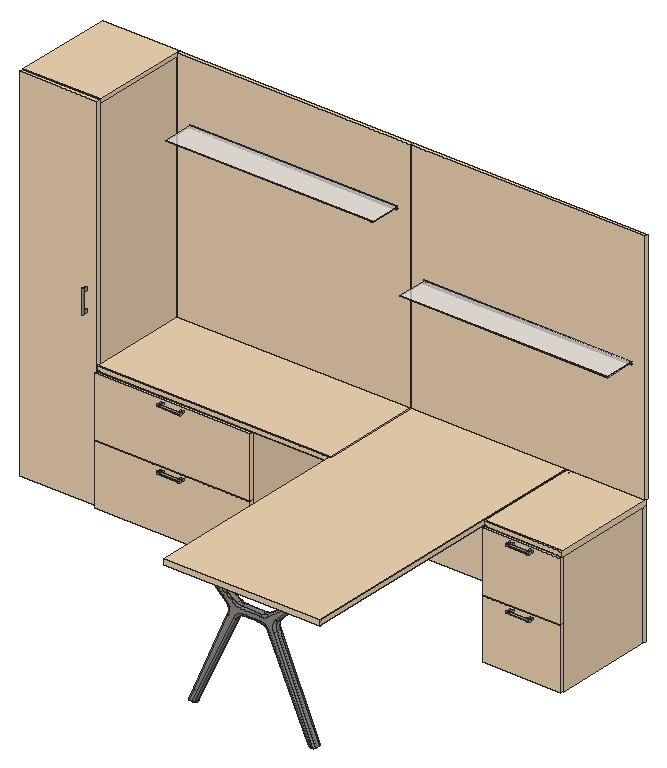
Revit family "JSI-Vision-Typical_Laminate-VST140", category Furniture, Revit 2020
Family settings
  OmniClass Number = 23.40.20.00
  OmniClass Title = General Furniture and Specialties
  Work Plane-Based = No
  Always vertical = Yes
  Cut with Voids When Loaded = No
  Shared = No
  Room Calculation Point = No
Parameters (values of type "VST140")
  URL = "www.jsifurniture.com"
  Type Comments = "Typical Laminate"  # constant formula
  Model = "VST140"
  Manufacturer = "JSI"  # constant formula
  Keynote = "12500"
  Default Elevation = 0"
  Assembly Code = "E2020200"
Reference planes (in)
  plane 1 "Center Front/Back": y = 0
  plane 2: z = 0
  plane 3 "Center Left/Right": x = 0
Dimensions and locks (in)
  aligned and locked: level to plane 2
Nested families (in)
  nested 1: "JSI-Vision-Support_End_with_Metal_Braces" at (107.81594, -1.075, 0) x (0, -1, 0) z (0, 0, 1), type "VST1036ASP, Vision Support End with Metal Braces 28"H, 36"W"
  nested 2: "JSI-Vision-Wardrobe" at (0, 0, 0), type "VST2418-84WL, Laminate 84" H Wdrb 24" x 30" - 1 Door"
    with Vertical Partition no, Width 18", Unit Centre 8 15/16", Shelve Width 7 13/16", Right surface Dist. to Vertical Partition 3/4", Right Door no, Pull Distance 15 1/4", Left Shelves no, Door Width 17 3/4", Bottom-Right Shelves yes, Actual Width 17 7/8"
  nested 3: "JSI-Vision-Modular_Lateral_File_Pedestal" at (17.75, -0.8875, 0), type "VST3624MLF, Laminate Modular Lat F Ped"
    with Ped Width 36", Ped Depth 24"
  nested 4: "JSI-Vision-Rectangle_Desk_Top" at (71.875, -72.125, -2) x (0, 1, 0) z (0, 0, 1), type "VST3672MCT, Laminate Rectangular Desk Top, 36" x 72""
    with Width 72", Depth 36"
  nested 5: "JSI-Vision_Modular_Bridge_Top" at (53.93913, -10.875, -0.8125), type "VST5424MCT, Laminate 54 x 24 Modular Return/ Bridge Top"
    with Width 54", Depth 24"
  nested 6: "JSI-Vision-Wall_Panel_Markerboard_Laminate-Glass_Shelf" at (17.875, -0.125, 11.6875), type "VST5454WPGS, Wall Panel with Glass Shelf 54 1/2"H, 54"W"
    with Shelf Top yes, Shelf Line yes, Shelf Center no, Shelf Bottom no, SH no, Dist Center 15 5/32", Width 54", Height 54 1/2"
  nested 7: "JSI-Vision-Wall_Panel_Markerboard_Laminate-Glass_Shelf" at (71.875, -0.125, 11.6875), type "VST5454WPGS, Wall Panel with Glass Shelf 54 1/2"H, 54"W"
    with Shelf Top no, Shelf Line yes, Shelf Center yes, Shelf Bottom no, SH yes, Dist Center 27 1/4", Width 54", Height 54 1/2"
  nested 8: "JSI-Vision-Wood_Truss_Base" at (89.875, -68.625, 0) x (0, -1, 0) z (0, 0, 1), type "VSV3028PXB - Wood Truss Base 29 1/2"W x 1 3/4"D x 28 5/16"H"
  nested 9: "JSI-Vision-Modular_File_File_Pedestal" at (107.875, -1.6375, 0), type "VST1824MFF, Laminate Modular FF Ped"
    with Ped Height 27.996", Ped Depth 24"
  nested 10: "JSI-Vision-Modular_Pedestal_Top" at (107.875, -1.075, 28), type "VST2418MCT, Modular Pedestal Top - 24d x 18 1/8w x 1 3/16h"
    with Height 0"
  nested 11: "JSI-Vision-Modular_Pedestal_Return_Modesty_Panel" at (53.875, -1.075, 0), type "VST1828MDRB, Modular Pedestal Return Modesty Panel 15/16w x 28h"
  nested 12: "JSI-Vision-Support_Rail_Work_Surface" at (88.875, -63.0625, 0.18778) x (0, 1, 0) z (0, 0, 1), type "GP0255SB, Metal Support Rail for Work Surface  2W 55 L 3/4H"
  nested 13: "JSI-Vision-Filler_Back_Panel_for_Bench_Height" at (122, -1.075, 0), type "VSTB0428MBK, Filler Back Panel for Bench Height 28"H, 4"W"
Definition of nested family "JSI-Vision-Support_End_with_Metal_Braces"
  Parameters (values of type "VST1030ASP, Vision Support End with Metal Braces 28"H, 30"W")
    Width = 30"
    URL = "www.jsifurniture.com"
    Type Comments = ""
    Support Wood Finish = none
    Support Finish = none
    Series = "Vision Casegoods"  # constant formula
    Model = "VST1030ASP"
    Material = ""
    Manufacturer = "JSI"  # constant formula
    Keynote = "12500"  # constant formula
    JSI Enviromental Website = "http://www.jsifurniture.com/jsi_sustainability_intro.php"
    Height = 28"
    Hardware Finish = none
    Description = "Vision Support End Laminate with Metal Braces -  3/4\"D x 30\"W x 28\"H"
    Depth = 3/4"
    Default Elevation = 0"
    Assembly Code = "E2020200"
  Types (4): name | Width | Model | Description
    VST1030ASP, Vision Support End with Metal Braces 28"H, 30"W | 30" | "VST1030ASP" | "Vision Support End Laminate with Metal Braces -  3/4\"D x 30\"W x 28\"H"
    VST1036ASP, Vision Support End with Metal Braces 28"H, 36"W | 36" | "VST1036ASP" | "Vision Support End Laminate with Metal Braces -  3/4\"D x 36\"W x 28\"H"
    VSV1030ASP, Vision Support End with Metal Braces 28"H, 30"W | 30" | "VSV1030ASP" | "Vision Support End Venner with Metal Braces -  3/4\"D x 30\"W x 28\"H"
    VSV1036ASP, Vision Support End with Metal Braces 28"H, 36"W | 36" | "VSV1036ASP" | "Vision Support End Venner with Metal Braces -  3/4\"D x 36\"W x 28\"H"
  Reference planes (in)
    plane 1 "Center Front/Back": y = 0
    plane 2: z = 0
    plane 3 "Center Left/Right": x = 0
    plane 4: z = 0
    plane 5: z = 28
    plane 6: x = 0.75
    plane 7: y = -30
    plane 8: y = -15
  Forms (in)
    Extrusion 1, solid, material <- "Support Wood Finish"
      sketch origin (0, 0, 0) x (1, 0, 0) y (0, 1, 0)
        loop
          line (0, -0.1875) -> (0, -29.8125) -> (0.75, -29.8125) -> (0.75, -0.1875) -> (0, -0.1875)
      from 0 to 28
    Extrusion 2, solid, material <- "Support Finish"
      sketch origin (0, 0, 0) x (1, 0, 0) y (0, 0, 1)
        loop
          line (1.01072, 21.34172) -> (7.4271, 27.75811)
          arc (7.4271, 27.75811) -> (7.48703, 27.79815) -> (7.55772, 27.81221) r 0.18472
          line (7.55772, 27.81221) -> (10.08071, 27.81221) -> (10.08071, 28) -> (7.55916, 28)
          arc (7.55916, 28) -> (7.41566, 27.97145) -> (7.294, 27.89017) r 0.375
          line (7.294, 27.89017) -> (0.85983, 21.456)
          arc (0.85983, 21.456) -> (0.77855, 21.33434) -> (0.75, 21.19084) r 0.375
          line (0.75, 21.19084) -> (0.75, 18.669) -> (0.9375, 18.669) -> (0.9375, 21.16495)
          arc (0.9375, 21.16495) -> (0.95653, 21.26062) -> (1.01072, 21.34172) r 0.25
      from 10.5 to 11.5
    Extrusion 3, solid, material <- "Support Finish"
      sketch origin (0, -8, 0) x (1, 0, 0) y (0, 0, 1)
        loop
          line (1.01072, 21.34172) -> (7.4271, 27.75811)
          arc (7.4271, 27.75811) -> (7.48703, 27.79815) -> (7.55772, 27.81221) r 0.18472
          line (7.55772, 27.81221) -> (10.08071, 27.81221) -> (10.08071, 28) -> (7.55916, 28)
          arc (7.55916, 28) -> (7.41566, 27.97145) -> (7.294, 27.89017) r 0.375
          line (7.294, 27.89017) -> (0.85983, 21.456)
          arc (0.85983, 21.456) -> (0.77855, 21.33434) -> (0.75, 21.19084) r 0.375
          line (0.75, 21.19084) -> (0.75, 18.669) -> (0.9375, 18.669) -> (0.9375, 21.16495)
          arc (0.9375, 21.16495) -> (0.95653, 21.26062) -> (1.01072, 21.34172) r 0.25
      from 10.5 to 11.5
    Extrusion 4, solid, material <- "Hardware Finish"
      sketch origin (0, 0, 0) x (1, 0, 0) y (0, 0, 1)
        loop
          line (0.75, 28) -> (0.75, 26.9375) -> (0.8125, 26.9375) -> (0.8125, 27.9375) -> (1.8125, 27.9375) -> (1.8125, 28) -> (0.75, 28)
      from 1.6875 to 3.6875
    Extrusion 5, solid, material <- "Hardware Finish"
      sketch origin (0, -8.75, 0) x (1, 0, 0) y (0, 0, 1)
        loop
          line (0.75, 28) -> (0.75, 26.9375) -> (0.8125, 26.9375) -> (0.8125, 27.9375) -> (1.8125, 27.9375) -> (1.8125, 28) -> (0.75, 28)
      from -1.3125 to 0.6875
    Extrusion 6, solid, material <- "Hardware Finish"
      sketch origin (0, -21.875, 0) x (1, 0, 0) y (0, 0, 1)
        loop
          line (0.75, 28) -> (0.75, 26.9375) -> (0.8125, 26.9375) -> (0.8125, 27.9375) -> (1.8125, 27.9375) -> (1.8125, 28) -> (0.75, 28)
      from -1.3125 to 0.6875
    Extrusion 7, solid, material <- "Hardware Finish"
      sketch origin (0, -30.625, 0) x (1, 0, 0) y (0, 0, 1)
        loop
          line (0.75, 28) -> (0.75, 26.9375) -> (0.8125, 26.9375) -> (0.8125, 27.9375) -> (1.8125, 27.9375) -> (1.8125, 28) -> (0.75, 28)
      from -4.3125 to -2.3125
  Lines and regions (in)
    symbolic lines
      curve 1: line (0, -0.1875, 0) -> (0.75, -0.1875, 0)
      curve 2: line (0, -29.8125, 0) -> (0, -0.1875, 0)
      curve 3: line (0.75, -29.8125, 0) -> (0, -29.8125, 0)
      curve 4: line (0.75, -0.1875, 0) -> (0.75, -29.8125, 0)
      curve 5: line (0.75, -1.83336, 0) -> (1.30712, -1.83336, 0)
      curve 6: line (1.30712, -1.83336, 0) -> (1.30712, -3.4108, 0)
      curve 7: line (1.30712, -3.4108, 0) -> (0.75, -3.4108, 0)
      curve 8: line (0.75, -26.5892, 0) -> (1.30712, -26.5892, 0)
      curve 9: line (1.30712, -26.5892, 0) -> (1.30712, -28.16665, 0)
      curve 10: line (1.30712, -28.16665, 0) -> (0.75, -28.16665, 0)
  Dimensions and locks (in)
    "Depth": plane 3 "Center Left/Right" to plane 6
    "Width": plane 1 "Center Front/Back" to plane 7
    locked: Extrusion 1 sketch curve to plane 1 "Center Front/Back" at 0.1875
    locked: Extrusion 1 sketch curve to plane 7 at 0.1875
    equal spacing: plane 7, plane 8, plane 1 "Center Front/Back"
    plane 5 to Extrusion 2 sketch curve to Extrusion 2 sketch curve to Extrusion 2 sketch curve to Extrusion 2 sketch curve to Extrusion 2 sketch curve = 0.18779" locked, 0.18472" locked, 6.43665" locked, 0.02589" locked, 2.49595" locked
    Extrusion 2 sketch curve to Extrusion 2 sketch curve to Extrusion 2 sketch curve to Extrusion 2 sketch curve to Extrusion 2 sketch curve to plane 6 = 2.52299" locked, 6.37022" locked, 1/16" locked, 3/16" locked, 3/16" locked
    Extrusion 3 sketch curve to Extrusion 3 sketch curve to Extrusion 3 sketch curve to Extrusion 3 sketch curve to Extrusion 3 sketch curve = 0.18472" locked, 6.43665" locked, 0.02589" locked, 2.49595" locked
    Extrusion 3 sketch curve to Extrusion 3 sketch curve to Extrusion 3 sketch curve to Extrusion 3 sketch curve to Extrusion 3 sketch curve = 2.52299" locked, 6.37022" locked, 1/16" locked, 3/16" locked
    Extrusion 2 to Extrusion 2 to plane 8 to Extrusion 3 to Extrusion 3 = 1" locked, 3 1/2" locked, 3 1/2" locked, 1" locked
    plane 5 to Extrusion 4 sketch curve to Extrusion 4 sketch curve = 1/16" locked, 1" locked
    plane 6 to Extrusion 4 sketch curve to Extrusion 4 sketch curve = 1/16" locked, 1" locked
    locked: Extrusion 5 sketch curve to Extrusion 5 sketch curve at 1  (x2)
    locked: Extrusion 6 sketch curve to Extrusion 6 sketch curve at 1  (x2)
    locked: Extrusion 7 sketch curve to Extrusion 7 sketch curve at 1  (x2)
    Extrusion 5 to Extrusion 5 to Extrusion 2 to Extrusion 2 to plane 8 to Extrusion 3 to Extrusion 3 to Extrusion 6 to Extrusion 6 = 2" locked, 1 1/16" locked, 1" locked, 3 1/2" locked, 3 1/2" locked, 1" locked, 1 1/16" locked, 2" locked
    plane 1 "Center Front/Back" to Extrusion 4 to Extrusion 4 = 1 11/16" locked, 2" locked
    Extrusion 7 to Extrusion 7 to plane 7 = 2" locked, 1 11/16" locked
    "Height": plane 5 to plane 4
    aligned and locked: level to plane 2
    aligned and locked: plane 3 "Center Left/Right" to Extrusion 1 sketch curve
    aligned and locked: plane 6 to Extrusion 1 sketch curve
    aligned and locked: plane 5 to Extrusion 1
    aligned and locked: curve 1 to Extrusion 1
    aligned and locked: curve 2 to Extrusion 1
    aligned and locked: curve 3 to Extrusion 1
    aligned and locked: curve 4 to Extrusion 1
    aligned and locked: Extrusion 2 sketch curve to plane 5
    aligned and locked: Extrusion 2 sketch curve to plane 6
    aligned and locked: Extrusion 4 sketch curve to plane 5
    aligned and locked: plane 6 to Extrusion 4 sketch curve
    aligned and locked: Extrusion 1 to plane 4
  Automatic sketch dimensions
    curve 7 to curve 6 = 0.55712"
    curve 8 to curve 8 = 0.55712"
    curve 3 to curve 9 = 1.64585"
    curve 9 to curve 9 = 1.57745"
    curve 6 to curve 1 = 3.2233"
    curve 6 to curve 5 = 1.57744"
    Extrusion 2 sketch curve to plane 6 = 0.10983"
    Extrusion 2 sketch curve to Extrusion 2 sketch curve = 0.15089"
    Extrusion 2 sketch curve to plane 5 = 0.10983"
    Extrusion 2 sketch curve to Extrusion 2 sketch curve = 0.26372"
    Extrusion 2 sketch curve to plane 5 = 0.24189"
    Extrusion 2 sketch curve to Extrusion 2 sketch curve = 0.00144"
    plane 6 to Extrusion 3 sketch curve = 0"
    Extrusion 3 sketch curve to plane 5 = 0"
    Extrusion 3 sketch curve to plane 6 = 0.10983"
    Extrusion 3 sketch curve to Extrusion 3 sketch curve = 3/16"
    Extrusion 3 sketch curve to Extrusion 3 sketch curve = 0.15089"
    Extrusion 3 sketch curve to plane 5 = 0.10983"
    Extrusion 3 sketch curve to Extrusion 3 sketch curve = 0.26372"
    Extrusion 3 sketch curve to plane 5 = 0.24189"
    Extrusion 3 sketch curve to Extrusion 3 sketch curve = 0.13062"
    Extrusion 3 sketch curve to Extrusion 3 sketch curve = 0.00144"
    Extrusion 5 sketch curve to plane 5 = 0"
    plane 6 to Extrusion 5 sketch curve = 0"
    Extrusion 5 sketch curve to plane 6 = 1/16"
    Extrusion 5 sketch curve to plane 5 = 1/16"
    Extrusion 6 sketch curve to plane 5 = 0"
    plane 6 to Extrusion 6 sketch curve = 0"
    Extrusion 6 sketch curve to plane 6 = 1/16"
    Extrusion 6 sketch curve to plane 5 = 1/16"
    Extrusion 7 sketch curve to plane 5 = 0"
    plane 6 to Extrusion 7 sketch curve = 0"
    Extrusion 7 sketch curve to plane 6 = 1/16"
    Extrusion 7 sketch curve to plane 5 = 1/16"
Definition of nested family "JSI-Vision-Wardrobe"
  Parameters (values of type "Type Catalog")
    Vertical Partition = yes
    Top-Right Shelve = yes
    Top = none
    Width = 36"
    Unit Centre = Actual Width / 2  # 17 15/16"
    URL = "www.jsifurniture.com"
    Type Comments = ""
    Tag = "Storage/Wardrobe"
    Shelve Width = (Actual Width - 2 1/4") / 2  # 16 13/16"
    Shelve Depth = Depth - 2 13/16"  # 21 3/16"
    Series = "Vision Casegoods"  # constant formula
    Right surface Dist. to Vertical Partition = if(Vertical Partition, (Unit Centre + 3/8"), 3/4")  # 18 5/16"
    Right Door = yes
    Pull Finish = none
    Pull Distance = Door Width - 2 1/2"  # 15 5/16"
    Model = "Type Catalog"
    Material = ""
    Manufacturer = "JSI"  # constant formula
    Left Shelves = yes
    Left Door = yes
    Keynote = "12500"
    JSI Enviromental Website = "http://www.jsifurniture.com/jsi_sustainability_intro.php"
    Height = 84"
    Hanging Bar Distance = if(Height > 72", (Adjustable Shelves Array Distance + 6 3/4"), 6 3/4")  # 20 3/8"
    Door Width = if(Vertical Partition, ((Actual Width - (1/4")) / 2), (Actual Width - 1/8"))  # 17 13/16"
    Door Front = none
    Description = "Type Catalog"
    Depth = 24"
    Default Elevation = 0"
    Chassis = none
    Bottom-Right Shelves = no
    Assembly Code = "E2020200"
    Adjustable Shelves Array Distance = (Actual Height - 1 15/16") / (# of Adjustable Shelves + 1)  # 13 5/8"
    Actual Width = Width - 1/8"  # 35 7/8"
    Actual Height = if(Height > 54", (Height - 5/16"), (if(Height > 42", (Height + 1 1/8"), if(Height > 30", (Height - 3/8"), (Height - 13/16")))))  # 83 11/16"
    # of Adjustable Shelves = if(Height > 72", 5, 4)  # 5
  Reference planes (in)
    plane 1 "Center Front/Back": y = 0
    plane 2: z = 0
    plane 3 "Center Left/Right": x = 0
    plane 4: z = 0
    plane 5: x = 35.875
    plane 6: y = -0.125
    plane 7: y = -23
    plane 8: z = 83.6875
    plane 9: y = -0.875
    plane 10: y = -22.8125
    plane 11: y = -22.0625
    plane 12: x = 0.75
    plane 13: x = 35.125
    plane 14: z = 1.1875
    plane 15: z = 1.9375
    plane 16: z = 82.9375
    plane 17: z = 83.3125
    plane 18: z = 15.1875
    plane 19: z = 28.8125
    plane 20: z = 42.4375
    plane 21: z = 56.0625
    plane 22: z = 69.6875
    plane 23: z = 70.0625
    plane 24: z = 69.3125
    plane 25: z = 56.4375
    plane 26: z = 55.6875
    plane 27: z = 42.8125
    plane 28: z = 42.0625
    plane 29: z = 29.1875
    plane 30: z = 28.4375
    plane 31: z = 15.5625
    plane 32: z = 14.8125
    plane 33: x = 17.9375
    plane 34: x = 0.0625
    plane 35: x = 35.8125
    plane 36: x = 18
    plane 37: x = 17.875
    plane 38: z = 0.125
    plane 39: y = -23.125
    plane 40: y = -23.875
    plane 41: z = 1.5625
    plane 42: x = 18.3125
    plane 43: x = 17.5625
    plane 44: y = -24
    plane 45: z = 83.625
    plane 46: z = 63.3125
    plane 47: y = -11.5625
    plane 48: z = 41.84375
    plane 49: x = 20.5
    plane 50: x = 15.375
    plane 51: z = 20.3125
    plane 52: z = 19.5625
    plane 53: x = 18.3125
  Forms (in)
    Extrusion 1, solid, material <- "Chassis"
      sketch origin (0, 0, 0) x (1, 0, 0) y (0, 1, 0)
        loop
          line (0, -0.125) -> (0, -0.875) -> (35.875, -0.875) -> (35.875, -0.125) -> (0, -0.125)
      from 0 to 82.9375
    Extrusion 2, solid, material <- "Chassis"
      sketch origin (0, 0, 0) x (1, 0, 0) y (0, 1, 0)
        loop
          line (0, -0.875) -> (0, -23) -> (0.75, -23) -> (0.75, -0.875) -> (0, -0.875)
      from 0 to 82.9375
    Extrusion 3, solid, material <- "Chassis"
      sketch origin (0, 0, 0) x (1, 0, 0) y (0, 1, 0)
        loop
          line (35.125, -0.875) -> (35.125, -23) -> (35.875, -23) -> (35.875, -0.875) -> (35.125, -0.875)
      from 0 to 82.9375
    Extrusion 4, solid, material <- "Top"
      sketch origin (0, 0, 0) x (0, 1, 0) y (0, 0, 1)
        loop
          line (-0.125, 83.6875) -> (-23, 83.6875) -> (-23, 82.9375) -> (-0.125, 82.9375) -> (-0.125, 83.6875)
      from 0 to 35.875
    Extrusion 5, solid, material <- "Chassis"
      sketch origin (0, 0, 0) x (0, 1, 0) y (0, 0, 1)
        loop
          line (-0.875, 1.9375) -> (-22.0625, 1.9375) -> (-22.0625, 1.1875) -> (-0.875, 1.1875) -> (-0.875, 1.9375)
      from 0.75 to 35.125
    Extrusion 6, solid, material <- "Chassis"
      sketch origin (0, 0, 0) x (0, 1, 0) y (0, 0, 1)
        loop
          line (-22.0625, 1.9375) -> (-22.8125, 1.9375) -> (-22.8125, 0) -> (-22.0625, 0) -> (-22.0625, 1.9375)
      from 0.75 to 35.125
    Extrusion 7, solid, material <- "Door Front", visible <- "Left Door"
      sketch origin (0, 0, 0) x (1, 0, 0) y (0, 1, 0)
        loop
          line (0.0625, -23.125) -> (0.0625, -23.875) -> (17.875, -23.875) -> (17.875, -23.125) -> (0.0625, -23.125)
      from 0.125 to 83.625
    Extrusion 8, solid, material <- "Door Front", visible <- "Right Door"
      sketch origin (0, 0, 0) x (1, 0, 0) y (0, 1, 0)
        loop
          line (18, -23.125) -> (18, -23.875) -> (35.8125, -23.875) -> (35.8125, -23.125) -> (18, -23.125)
      from 0.125 to 83.625
    Extrusion 9, solid, material <- "Chassis", visible <- "Vertical Partition"
      sketch origin (0, 0, 0) x (1, 0, 0) y (0, 1, 0)
        loop
          line (17.5625, -0.875) -> (17.5625, -23) -> (18.3125, -23) -> (18.3125, -0.875) -> (17.5625, -0.875)
      from 1.9375 to 82.9375
    Extrusion 10, solid, material <- "Chassis", visible <- "Left Shelves"
      sketch origin (0, 0, 0) x (0, 1, 0) y (0, 0, 1)
        loop
          line (-0.875, 15.5625) -> (-22.0625, 15.5625) -> (-22.0625, 14.8125) -> (-0.875, 14.8125) -> (-0.875, 15.5625)
      from 0.75 to 17.5625
    Extrusion 11, solid, material <- "Chassis", visible <- "Top-Right Shelve"
      sketch origin (0, 0, 0) x (0, 1, 0) y (0, 0, 1)
        loop
          line (-0.875, 70.0625) -> (-22.0625, 70.0625) -> (-22.0625, 69.3125) -> (-0.875, 69.3125) -> (-0.875, 70.0625)
      from 18.3125 to 35.125
    Extrusion 12, solid, material <- "Pull Finish"
      sketch origin (0, 0, 0) x (0, 1, 0) y (0, 0, 1)
        loop
          circle (-11.5625, 63.3125) r 0.5
      from 18.3125 to 35.125
    Extrusion 13, solid, material <- "Chassis", visible <- "Left Shelves"
      sketch origin (0, 0, 13.625) x (0, 1, 0) y (0, 0, 1)
        loop
          line (-0.875, 15.5625) -> (-22.0625, 15.5625) -> (-22.0625, 14.8125) -> (-0.875, 14.8125) -> (-0.875, 15.5625)
      from 0.75 to 17.5625
    Extrusion 14, solid, material <- "Chassis", visible <- "Left Shelves"
      sketch origin (0, 0, 27.25) x (0, 1, 0) y (0, 0, 1)
        loop
          line (-0.875, 15.5625) -> (-22.0625, 15.5625) -> (-22.0625, 14.8125) -> (-0.875, 14.8125) -> (-0.875, 15.5625)
      from 0.75 to 17.5625
    Extrusion 15, solid, material <- "Chassis", visible <- "Left Shelves"
      sketch origin (0, 0, 40.875) x (0, 1, 0) y (0, 0, 1)
        loop
          line (-0.875, 15.5625) -> (-22.0625, 15.5625) -> (-22.0625, 14.8125) -> (-0.875, 14.8125) -> (-0.875, 15.5625)
      from 0.75 to 17.5625
    Extrusion 16, solid, material <- "Chassis", visible <- "Bottom-Right Shelves"
      sketch origin (0, 0, 0) x (0, 1, 0) y (0, 0, 1)
        loop
          line (-22.0625, 29.1875) -> (-22.0625, 28.4375) -> (-0.875, 28.4375) -> (-0.875, 29.1875) -> (-22.0625, 29.1875)
      from 18.3125 to 35.125
    Extrusion 17, solid, material <- "Chassis", visible <- "Bottom-Right Shelves"
      sketch origin (0, 0, 0) x (0, 1, 0) y (0, 0, 1)
        loop
          line (-22.0625, 20.3125) -> (-22.0625, 19.5625) -> (-0.875, 19.5625) -> (-0.875, 20.3125) -> (-22.0625, 20.3125)
      from 18.3125 to 35.125
    Extrusion 18, solid, material <- "Chassis", visible <- "Left Shelves"
      sketch origin (0, 0, 54.5) x (0, 1, 0) y (0, 0, 1)
        loop
          line (-0.875, 15.5625) -> (-22.0625, 15.5625) -> (-22.0625, 14.8125) -> (-0.875, 14.8125) -> (-0.875, 15.5625)
      from 0.75 to 17.5625
  Lines and regions (in)
    symbolic lines
      curve 1: line (35.875, -0.125, 0) -> (0, -0.125, 0)
      curve 2: line (0, -0.125, 0) -> (0, -23, 0)
      curve 3: line (35.875, -23, 0) -> (35.875, -0.125, 0)
      curve 4: line (0, -23, 0) -> (35.875, -23, 0)
      curve 5: line (17.875, -23.875, 0) -> (17.875, -23.125, 0)
      curve 6: line (0.0625, -23.875, 0) -> (17.875, -23.875, 0)
      curve 7: line (17.875, -23.125, 0) -> (0.0625, -23.125, 0)
      curve 8: line (0.0625, -23.125, 0) -> (0.0625, -23.875, 0)
      curve 9: line (35.8125, -23.125, 20.3125) -> (18, -23.125, 20.3125)
      curve 10: line (18, -23.875, 20.3125) -> (35.8125, -23.875, 20.3125)
      curve 11: line (18, -23.125, 20.3125) -> (18, -23.875, 20.3125)
      curve 12: line (35.8125, -23.875, 20.3125) -> (35.8125, -23.125, 20.3125)
  Dimensions and locks (in)
    locked: plane 6 to plane 1 "Center Front/Back" at 0.125
    plane 7 to plane 10 to plane 11 = 3/16" locked, 3/4" locked
    locked: plane 3 "Center Left/Right" to plane 12 at 0.75
    locked: plane 13 to plane 5 at 0.75
    plane 15 to plane 14 to plane 4 = 3/4" locked, 1 3/16" locked
    locked: plane 8 to plane 16 at 0.75
    locked: plane 17 to plane 16 at 0.375
    plane 23 to plane 22 to plane 24 = 3/8" locked, 3/8" locked
    plane 25 to plane 21 to plane 26 = 3/8" locked, 3/8" locked
    plane 27 to plane 20 to plane 28 = 3/8" locked, 3/8" locked
    plane 29 to plane 19 to plane 30 = 3/8" locked, 3/8" locked
    plane 31 to plane 18 to plane 32 = 3/8" locked, 3/8" locked
    "Actual Width": plane 3 "Center Left/Right" to plane 5
    "Unit Centre": plane 3 "Center Left/Right" to plane 33
    "Actual Height": plane 8 to plane 4
    locked: plane 3 "Center Left/Right" to plane 34 at 0.0625
    locked: plane 35 to plane 5 at 0.0625
    plane 40 to plane 39 to plane 7 = 3/4" locked, 1/8" locked
    "Door Width": plane 34 to plane 37
    "Door Width": plane 36 to plane 35
    locked: plane 15 to plane 41 at 0.375
    plane 43 to plane 33 to plane 42 = 3/8" locked, 3/8" locked
    "Depth": plane 44 to plane 1 "Center Front/Back"
    locked: plane 44 to plane 40 at 0.125
    "Adjustable Shelves Array Distance": Extrusion 10 to plane 15
    locked: plane 8 to plane 45 at 0.0625
    "Adjustable Shelves Array Distance": plane 17 to plane 22
    equal spacing: plane 6, plane 47, plane 7
    equal spacing: plane 8, plane 48, plane 4
    "Shelve Depth": Extrusion 10 sketch curve to Extrusion 10 sketch curve
    "Shelve Depth": Extrusion 13 sketch curve to Extrusion 13 sketch curve
    equal spacing: group 1, group 2, group 3, group 4, group 5  (x3)
    "Shelve Width": Extrusion 10 to Extrusion 10
    "Shelve Depth": Extrusion 14 sketch curve to Extrusion 14 sketch curve
    "Shelve Width": Extrusion 14 to Extrusion 14
    "Shelve Depth": Extrusion 15 sketch curve to Extrusion 15 sketch curve
    "Shelve Width": Extrusion 15 to Extrusion 15
    "Shelve Width": Extrusion 13 to Extrusion 13
    "Hanging Bar Distance": plane 8 to plane 46
    "Adjustable Shelves Array Distance": Extrusion 13 to Extrusion 10
    plane 30 to plane 51 to plane 52 = 8 1/8" locked, 3/4" locked
    "Pull Distance": plane 49 to plane 35
    "Pull Distance": plane 34 to plane 50
    "Right surface Dist. to Vertical Partition": plane 53 to plane 3 "Center Left/Right"
    "Shelve Depth": Extrusion 18 sketch curve to Extrusion 18 sketch curve
    "Shelve Width": Extrusion 18 to Extrusion 18
    locked: plane 38 to plane 4 at 0.125
    radius of Extrusion 12 sketch curve = 1/2"
    aligned and locked: level to plane 2
    aligned and locked: plane 6 to Extrusion 1 sketch curve
    aligned and locked: Extrusion 1 sketch curve to plane 9
    aligned and locked: Extrusion 1 sketch curve to plane 5
    aligned and locked: plane 3 "Center Left/Right" to Extrusion 1 sketch curve
    aligned and locked: Extrusion 1 to plane 4
    aligned and locked: plane 16 to Extrusion 1
    aligned and locked: plane 3 "Center Left/Right" to Extrusion 2 sketch curve
    aligned and locked: Extrusion 2 sketch curve to plane 12
    aligned and locked: Extrusion 2 sketch curve to plane 7
    aligned and locked: plane 9 to Extrusion 2 sketch curve
    aligned and locked: plane 13 to Extrusion 3 sketch curve
    aligned and locked: Extrusion 3 sketch curve to plane 5
    aligned and locked: Extrusion 3 sketch curve to plane 7
    aligned and locked: plane 9 to Extrusion 3 sketch curve
    aligned and locked: Extrusion 2 to plane 4
    aligned and locked: Extrusion 3 to plane 4
    aligned and locked: plane 16 to Extrusion 2
    aligned and locked: plane 16 to Extrusion 3
    aligned and locked: plane 16 to Extrusion 4 sketch curve
    aligned and locked: Extrusion 4 sketch curve to plane 8
    aligned and locked: plane 6 to Extrusion 4 sketch curve
    aligned and locked: Extrusion 4 sketch curve to plane 7
    aligned and locked: Extrusion 4 to plane 3 "Center Left/Right"
    aligned and locked: plane 5 to Extrusion 4
    aligned and locked: Extrusion 5 sketch curve to plane 11
    aligned and locked: plane 14 to Extrusion 5 sketch curve
    aligned and locked: Extrusion 5 sketch curve to plane 15
    aligned and locked: plane 9 to Extrusion 5 sketch curve
    aligned and locked: Extrusion 5 to plane 12
    aligned and locked: plane 13 to Extrusion 5
    aligned and locked: plane 11 to Extrusion 6 sketch curve
    aligned and locked: Extrusion 6 sketch curve to plane 10
    aligned and locked: plane 4 to Extrusion 6 sketch curve
    aligned and locked: Extrusion 6 sketch curve to plane 15
    aligned and locked: Extrusion 6 to plane 12
    aligned and locked: plane 13 to Extrusion 6
    aligned and locked: level to plane 4
    aligned and locked: plane 33 to nested 1
    aligned and locked: plane 40 to nested 1
    aligned and locked: plane 39 to Extrusion 7 sketch curve
    aligned and locked: Extrusion 7 sketch curve to plane 40
    aligned and locked: Extrusion 7 sketch curve to plane 37
    aligned and locked: plane 34 to Extrusion 7 sketch curve
    aligned and locked: plane 39 to Extrusion 8 sketch curve
    aligned and locked: Extrusion 8 sketch curve to plane 40
    aligned and locked: Extrusion 8 sketch curve to plane 35
    aligned and locked: plane 36 to Extrusion 8 sketch curve
    aligned and locked: Extrusion 7 to plane 38
    aligned and locked: Extrusion 8 to plane 38
    aligned and locked: plane 43 to Extrusion 9 sketch curve
    aligned and locked: Extrusion 9 sketch curve to plane 42
    aligned and locked: plane 9 to Extrusion 9 sketch curve
    aligned and locked: Extrusion 9 sketch curve to plane 7
    aligned and locked: Extrusion 9 to plane 15
    aligned and locked: plane 16 to Extrusion 9
    aligned and locked: plane 45 to Extrusion 7
    aligned and locked: plane 45 to Extrusion 8
    aligned and locked: Extrusion 11 sketch curve to plane 23
    aligned and locked: plane 24 to Extrusion 11 sketch curve
    aligned and locked: plane 9 to Extrusion 11 sketch curve
    aligned and locked: Extrusion 11 sketch curve to plane 11
    aligned and locked: plane 13 to Extrusion 11
    aligned and locked: plane 13 to Extrusion 12
    aligned and locked: Extrusion 10 to plane 9
    aligned and locked: plane 50 to nested 3
    aligned and locked: plane 49 to nested 2
    aligned and locked: plane 48 to nested 3
    aligned and locked: plane 48 to nested 2
    aligned and locked: plane 43 to Extrusion 10
    aligned and locked: plane 43 to Extrusion 13
    aligned and locked: Extrusion 13 to plane 9
    aligned and locked: plane 40 to nested 3
    aligned and locked: plane 40 to nested 2
    aligned and locked: Extrusion 16 sketch curve to plane 29
    aligned and locked: plane 30 to Extrusion 16 sketch curve
    aligned and locked: plane 9 to Extrusion 16 sketch curve
    aligned and locked: Extrusion 16 sketch curve to plane 11
    aligned and locked: plane 13 to Extrusion 16
    aligned and locked: Extrusion 17 sketch curve to plane 51
    aligned and locked: plane 52 to Extrusion 17 sketch curve
    aligned and locked: Extrusion 17 sketch curve to plane 11
    aligned and locked: plane 9 to Extrusion 17 sketch curve
    aligned and locked: plane 13 to Extrusion 17
    aligned and locked: plane 53 to Extrusion 12
    aligned and locked: plane 53 to Extrusion 11
    aligned and locked: plane 53 to Extrusion 17
    aligned and locked: plane 53 to Extrusion 16
    aligned and locked: curve 1 to Extrusion 4
    aligned and locked: curve 2 to Extrusion 4
    aligned and locked: curve 3 to Extrusion 4
    aligned and locked: curve 4 to Extrusion 4
    aligned and locked: curve 5 to Extrusion 7
    aligned and locked: curve 6 to Extrusion 7
    aligned and locked: curve 7 to Extrusion 7
    aligned and locked: curve 8 to Extrusion 7
    aligned and locked: curve 9 to Extrusion 8
    aligned and locked: curve 10 to Extrusion 8
    aligned and locked: curve 11 to Extrusion 8
    aligned and locked: curve 12 to Extrusion 8
  Automatic sketch dimensions
    Extrusion 12 sketch curve to plane 46 = 0"
    Extrusion 12 sketch curve to plane 47 = 0"
    Extrusion 10 sketch curve to Extrusion 10 sketch curve = 3/4"
    Extrusion 13 sketch curve to Extrusion 13 sketch curve = 3/4"
    Extrusion 14 sketch curve to Extrusion 14 sketch curve = 3/4"
    Extrusion 15 sketch curve to Extrusion 15 sketch curve = 3/4"
    Extrusion 18 sketch curve to Extrusion 18 sketch curve = 3/4"
  Nested families (in)
    nested 1: "Label 1-16 OH" at (17.9375, -23.875, 0), type "OH DOORS"
    nested 2: "Vertical Bar Pull" at (20.5, -23.875, 41.84375), Pull Finish <- "Pull Finish", visible <- "Right Door", type "PL"
      with Pull Finish none
    nested 3: "Vertical Bar Pull" at (15.375, -23.875, 41.84375), Pull Finish <- "Pull Finish", visible <- "Left Door", type "PL"
      with Pull Finish none
  Definition of nested family "Vertical Bar Pull"
    Parameters
      Pull Finish [instance] = none
      Default Elevation = 0"
    Reference planes (in)
      plane 1 "Center Front/Back": y = 0
      plane 2: z = 0
      plane 3 "Center Left/Right": x = 0
      plane 4: x = -2.68731
      plane 5: x = -1.88731
      plane 6: x = 2.68731
      plane 7: x = 1.88731
      plane 8: y = -1
      plane 9: y = -0.85202
      plane 10: z = 2.68731
      plane 11: z = 1.88731
      plane 12: z = -1.88731
      plane 13: z = -2.68731
    Forms (in)
      Extrusion 1, solid, material <- "Pull Finish"
        sketch origin (0, 0, 0) x (0, 1, 0) y (-1, 0, 0)
          loop
            line (0, -0.2015) -> (0, 0.2015) -> (-0.85202, 0.2015)
            arc (-0.85202, 0.2015) -> (-0.75, 0) -> (-0.85202, -0.2015) r 0.25
            line (-0.85202, -0.2015) -> (0, -0.2015)
        from 1.88731 to 2.68731
      Extrusion 2, solid, material <- "Pull Finish"
        sketch origin (0, 0, 0) x (0, 1, 0) y (-1, 0, 0)
          loop
            circle (-1, 0) r 0.25
        from -2.68731 to 2.68731
      Extrusion 3, solid, material <- "Pull Finish"
        sketch origin (0, 0, 0) x (1, 0, 0) y (0, 1, 0)
          loop
            line (0.2015, 0) -> (-0.2015, 0) -> (-0.2015, -0.85202)
            arc (-0.2015, -0.85202) -> (0, -0.75) -> (0.2015, -0.85202) r 0.25
            line (0.2015, -0.85202) -> (0.2015, 0)
        from 1.88731 to 2.68731
      Extrusion 4, solid, material <- "Pull Finish"
        sketch origin (0, 0, -4.57462) x (1, 0, 0) y (0, 1, 0)
          loop
            line (0.2015, 0) -> (-0.2015, 0) -> (-0.2015, -0.85202)
            arc (-0.2015, -0.85202) -> (0, -0.75) -> (0.2015, -0.85202) r 0.25
            line (0.2015, -0.85202) -> (0.2015, 0)
        from 1.88731 to 2.68731
    Dimensions and locks (in)
      plane 4 to plane 5 to plane 3 "Center Left/Right" to plane 7 to plane 6 = 0.8" locked, 1.88731" locked, 1.88731" locked, 0.8" locked
      plane 8 to plane 9 to plane 1 "Center Front/Back" = 0.14798" locked, 0.85202" locked
      plane 13 to plane 12 to plane 2 to plane 11 to plane 10 = 0.8" locked, 1.88731" locked, 1.88731" locked, 0.8" locked
      plane 1 "Center Front/Back" to plane 9 to plane 8 = 0.85202" locked, 0.14798" locked
      aligned and locked: level to plane 2
      aligned and locked: plane 8 to Extrusion 2 sketch curve
      aligned and locked: Extrusion 3 to plane 1 "Center Front/Back"
      aligned and locked: Extrusion 1 to plane 1 "Center Front/Back"
      aligned and locked: Extrusion 4 to plane 1 "Center Front/Back"
      aligned and locked: Extrusion 3 to plane 10
      aligned and locked: Extrusion 3 to plane 11
      aligned and locked: Extrusion 2 to plane 10
      aligned and locked: Extrusion 2 to plane 13
      aligned and locked: Extrusion 4 to plane 13
      aligned and locked: Extrusion 4 to plane 12
      aligned and locked: plane 1 "Center Front/Back" to Extrusion 4
      aligned and locked: plane 1 "Center Front/Back" to Extrusion 3
      aligned and locked: Extrusion 4 to plane 9
      aligned and locked: Extrusion 3 to plane 9
  Definition of nested family "Label 1-16 OH"
    Parameters
      Width = 1"
      Model Name = "Storage/Wardrobe"
    Reference planes (in)
      plane 1: y = 0
      plane 2: x = 0
    Text (in)
      label "XX" at (0.00051, -0.12324, 0), shows "Model Name"
Definition of nested family "JSI-Vision-Modular_Lateral_File_Pedestal"
  Parameters (values of type "Modular Lat F Ped - Type Catalog Family")
    URL = "www.jsifurniture.com"
    Tag = "Lat File"
    Series = "Vision Casegoods"  # constant formula
    Pull Finish = none
    Ped Width = 30"
    Ped Height = 28"
    Model = "Type Catalog"
    Manufacturer = "JSI"  # constant formula
    Keynote = "12500"  # constant formula
    JSI Enviromental website = "http://www.jsifurniture.com/jsi_sustainability_intro.php"
    Description = "Type Catalog"
    Default Elevation = 0"
    Chassis = none
    Ped Depth = 20"
    Grommet Finish = none
    Drawer Front = none
    Assembly Code = "E2020200"
  Reference planes (in)
    plane 1 "Center Front/Back": y = 0
    plane 2: z = 0
    plane 3 "Center Left/Right": x = 0
    plane 4: x = 0.125
    plane 5: x = 30.125
    plane 6: x = 30.25
    plane 7: y = -18.9795
    plane 8: y = -0.1875
    plane 9: y = -19.1095
    plane 10: x = 0.18716
    plane 11: x = 30.06243
    plane 12: y = -19.8595
    plane 13: z = 0.125
    plane 14: z = 13.9375
    plane 15: z = 14.0625
    plane 16: z = 27.8755
    plane 17: z = 28
    plane 18: x = 0.875
    plane 19: x = 29.376
    plane 20: y = -0.9375
    plane 21: y = -18.23863
    plane 22: z = 13.18724
    plane 23: z = 27.12492
    plane 24: z = 26.5625
    plane 25: x = 15.125
    plane 26: y = -20
    plane 27: y = -9.80266
    plane 28: y = -14.80266
    plane 29: z = 27.1875
  Forms (in)
    Extrusion 1, solid, material <- "Chassis"
      sketch origin (0.125, -0.1875, 48) x (0, 1, 0) y (0, 0, 1)
        loop
          line (0, -20) -> (-18.792, -20) -> (-18.792, -48) -> (0, -48) -> (0, -20)
      from 0 to 0.75
    Extrusion 2, solid, material <- "Chassis"
      sketch origin (30.125, -0.1875, 48) x (0, 1, 0) y (0, 0, 1)
        loop
          line (0, -20) -> (-18.792, -20) -> (-18.792, -48) -> (0, -48) -> (0, -20)
      from -0.749 to 0
    Extrusion 3, solid, material <- "Drawer Front"
      sketch origin (0, 0, 0) x (1, 0, 0) y (0, 0, 1)
        loop
          line (0.18716, 27.8755) -> (0.18716, 14.0625) -> (30.06243, 14.0625) -> (30.06243, 27.8755) -> (0.18716, 27.8755)
        loop
          line (0.18716, 13.9375) -> (0.18716, 0.125) -> (30.06243, 0.125) -> (30.06243, 13.9375) -> (0.18716, 13.9375)
      from 19.1095 to 19.8595
    Extrusion 4, solid, material <- "Chassis"
      sketch origin (0, 0, 0) x (1, 0, 0) y (0, 1, 0)
        loop
          line (0.875, -18.9795) -> (29.376, -18.9795) -> (29.376, -15.9795) -> (0.875, -15.9795) -> (0.875, -18.9795)
      from 0 to 1.1875
    Extrusion 5, solid, material <- "Chassis"
      sketch origin (0, 0, 0) x (0, 1, 0) y (0, 0, 1)
        loop
          line (-9.80266, 27.1875) -> (-9.80266, 27.8755) -> (-14.80266, 27.8755) -> (-14.80266, 27.1875) -> (-9.80266, 27.1875)
      from 0.875 to 29.376
    Extrusion 6, solid, material <- "Chassis"
      sketch origin (0, 0, 0) x (0, 1, 0) y (0, 0, 1)
        loop
          line (-0.1875, 28) -> (-0.6875, 28) -> (-0.6875, 23) -> (-0.1875, 23) -> (-0.1875, 28)
        loop
          line (-0.6875, 0) -> (-0.1875, 0) -> (-0.1875, 5) -> (-0.6875, 5) -> (-0.6875, 0)
      from 0.875 to 29.376
  Lines and regions (in)
    symbolic lines
      curve 1: line (0.125, -18.9795, 0) -> (0.125, -0.1875, 0)
      curve 2: line (30.125, -0.1875, 0) -> (30.125, -18.9795, 0)
      curve 3: line (0.18716, -19.1095, 0) -> (30.06243, -19.1095, 0)
      curve 4: line (0.18716, -19.8595, 0) -> (0.18716, -19.1095, 0)
      curve 5: line (30.06243, -19.8595, 0) -> (0.18716, -19.8595, 0)
      curve 6: line (30.06243, -19.1095, 0) -> (30.06243, -19.8595, 0)
      curve 7: line (0.875, -0.9375, 0) -> (0.875, -18.9795, 0)
      curve 8: line (0.125, -18.9795, 0) -> (0.875, -18.9795, 0)
      curve 9: line (29.376, -0.1875, 0) -> (29.376, -18.9795, 0)
      curve 10: line (29.376, -18.9795, 0) -> (30.125, -18.9795, 0)
      curve 11: line (0.125, -0.1875, 0) -> (0.875, -0.1875, 0)
      curve 12: line (29.376, -0.1875, 0) -> (30.125, -0.1875, 0)
      curve 13: line (29.376, -0.1875, 0) -> (0.875, -0.1875, 0)
      curve 14: line (0.875, -0.6875, 0) -> (29.376, -0.6875, 0)
  Dimensions and locks (in)
    plane 3 "Center Left/Right" to plane 4 = 1/8"
    locked: plane 5 to plane 6 at 0.125
    "Ped Width": plane 4 to plane 5
    locked: plane 1 "Center Front/Back" to plane 8 at 0.1875
    "Ped Height": plane 17 to level
    locked: plane 8 to plane 20 at 0.75
    plane 21 to plane 7 to plane 9 to plane 12 = 0.74087" locked, 0.13" locked, 3/4" locked
    plane 4 to plane 10 to plane 18 = 0.06216" locked, 0.68784" locked
    plane 19 to plane 11 to plane 5 = 0.68644" locked, 0.06257" locked
    locked: plane 17 to plane 24 at 1.4375
    plane 3 "Center Left/Right" to plane 25 to plane 6 = 15 1/8", 15 1/8"
    "Ped Depth": plane 26 to plane 1 "Center Front/Back"
    locked: plane 12 to plane 26 at 0.1405
    plane 27 to plane 28 to plane 26 = 5" locked, 5.19734" locked
    locked: plane 2 to Extrusion 6 sketch curve at 5
    locked: plane 8 to Extrusion 6 sketch curve at 0.5  (x2)
    locked: plane 17 to Extrusion 6 sketch curve at 5
    plane 17 to plane 23 to plane 15 to plane 14 to plane 22 to plane 13 to plane 2 = 0.87508" locked, 13.06242" locked, 1/8" locked, 0.75026" locked, 13.06224" locked, 1/8" locked
    locked: Extrusion 4 sketch curve to plane 7 at 3
    equal spacing: plane 3 "Center Left/Right", plane 25, plane 6
    aligned and locked: level to plane 2
    aligned and locked: Extrusion 1 sketch curve to plane 7
    aligned and locked: Extrusion 1 sketch curve to level
    aligned and locked: Extrusion 2 sketch curve to plane 17
    aligned and locked: level to Extrusion 2 sketch curve
    aligned and locked: plane 7 to Extrusion 2 sketch curve
    aligned and locked: Extrusion 3 sketch curve to plane 16
    aligned and locked: Extrusion 3 sketch curve to plane 10  (x2)
    aligned and locked: plane 11 to Extrusion 3 sketch curve  (x2)
    aligned and locked: plane 15 to Extrusion 3 sketch curve
    aligned and locked: Extrusion 3 sketch curve to plane 14
    aligned and locked: plane 13 to Extrusion 3 sketch curve
    aligned and locked: Extrusion 3 to plane 12
    aligned and locked: plane 9 to Extrusion 3
    aligned and locked: plane 18 to Extrusion 4 sketch curve
    aligned and locked: plane 12 to nested 2
    aligned and locked: plane 12 to nested 1
    aligned and locked: plane 27 to Extrusion 5 sketch curve
    aligned and locked: Extrusion 5 sketch curve to plane 29
    aligned and locked: Extrusion 5 sketch curve to plane 28
    aligned and locked: plane 16 to Extrusion 5 sketch curve
    aligned and locked: Extrusion 5 to plane 18
    aligned and locked: plane 19 to Extrusion 5
    aligned and locked: nested 3 to plane 25
    aligned and locked: nested 3 to plane 26
    aligned and locked: plane 8 to Extrusion 1
    aligned and locked: plane 8 to Extrusion 2
    aligned and locked: curve 11 to plane 8
    aligned and locked: Extrusion 6 sketch curve to plane 8  (x2)
    aligned and locked: Extrusion 6 sketch curve to plane 17
    aligned and locked: plane 2 to Extrusion 6 sketch curve
    aligned and locked: Extrusion 6 to plane 18
    aligned and locked: plane 19 to Extrusion 6
    aligned and locked: curve 13 to Extrusion 6
    aligned and locked: curve 14 to Extrusion 6
    aligned and locked: nested 2 to plane 25
    aligned and locked: nested 1 to plane 25
    aligned and locked: plane 19 to Extrusion 4
    aligned and locked: Extrusion 2 to plane 19
    aligned and locked: plane 5 to Extrusion 2
  Automatic sketch dimensions
    Extrusion 1 sketch curve to plane 17 = 0"
    plane 20 to Extrusion 1 sketch curve = 3/4"
    plane 20 to Extrusion 2 sketch curve = 3/4"
    curve 1 to plane 4 = 0"
    curve 3 to plane 9 = 0"
    curve 3 to plane 10 = 0"
    curve 8 to plane 7 = 0"
    curve 8 to plane 18 = 0"
    curve 11 to plane 18 = 0"
    curve 9 to plane 7 = 0"
    curve 9 to plane 19 = 0"
    curve 3 to plane 11 = 0"
    curve 12 to plane 5 = 0"
    curve 5 to plane 12 = 0"
    curve 7 to plane 20 = 0"
    curve 14 to plane 18 = 0"
    Extrusion 4 sketch curve to plane 7 = 0"
    Extrusion 4 sketch curve to plane 19 = 0"
  Nested families (in)
    nested 1: "Bar Pull" at (15.125, -19.8595, 13.18724) x (-1, 0, 0) z (0, 0, 1), Pull Finish <- "Pull Finish", type "PL"
      with Pull Finish none
    nested 2: "Bar Pull" at (15.125, -19.8595, 27.12492) x (-1, 0, 0) z (0, 0, 1), Pull Finish <- "Pull Finish", type "PL"
      with Pull Finish none
    nested 3: "Label 1-16" at (15.125, -20, 0), type "DRWCFG"
  Definition of nested family "Bar Pull"
    Parameters
      Pull Finish [instance] = none
      Default Elevation = 0"
    Reference planes (in)
      plane 1 "Center Front/Back": y = 0
      plane 2: z = 0
      plane 3 "Center Left/Right": x = 0
      plane 4: x = -2.68731
      plane 5: x = -1.88731
      plane 6: x = 2.68731
      plane 7: x = 1.88731
      plane 8: y = -1
      plane 9: y = -0.85202
    Forms (in)
      Extrusion 1, solid, material <- "Pull Finish"
        sketch origin (0, 0, 0) x (0, 1, 0) y (0, 0, 1)
          loop
            line (0, -0.2015) -> (0, 0.2015) -> (-0.85202, 0.2015)
            arc (-0.85202, 0.2015) -> (-0.75, 0) -> (-0.85202, -0.2015) r 0.25
            line (-0.85202, -0.2015) -> (0, -0.2015)
        from 1.88731 to 2.68731
      Extrusion 2, solid, material <- "Pull Finish"
        sketch origin (0, 0, 0) x (0, 1, 0) y (0, 0, 1)
          loop
            circle (-1, 0) r 0.25
        from -2.68731 to 2.68731
      Extrusion 3, solid, material <- "Pull Finish"
        sketch origin (0, 0, 0) x (0, 1, 0) y (0, 0, -1)
          loop
            line (0, 0.2015) -> (-0.85202, 0.2015)
            arc (-0.85202, 0.2015) -> (-0.75, 0) -> (-0.85202, -0.2015) r 0.25
            line (-0.85202, -0.2015) -> (0, -0.2015) -> (0, 0.2015)
        from 1.88731 to 2.68731
    Dimensions and locks (in)
      plane 4 to plane 5 to plane 3 "Center Left/Right" to plane 7 to plane 6 = 0.8" locked, 1.88731" locked, 1.88731" locked, 0.8" locked
      plane 8 to plane 9 to plane 1 "Center Front/Back" = 0.14798" locked, 0.85202" locked
      aligned and locked: level to plane 2
      aligned and locked: plane 4 to Extrusion 3
      aligned and locked: Extrusion 3 to plane 5
      aligned and locked: plane 4 to Extrusion 2
      aligned and locked: Extrusion 1 to plane 7
      aligned and locked: plane 6 to Extrusion 1
      aligned and locked: plane 6 to Extrusion 2
      aligned and locked: plane 8 to Extrusion 2 sketch curve
      aligned and locked: Extrusion 3 to plane 1 "Center Front/Back"
      aligned and locked: Extrusion 1 to plane 1 "Center Front/Back"
      aligned and locked: plane 5 to Extrusion 3
      aligned and locked: Extrusion 3 to plane 4
      aligned and locked: Extrusion 2 to plane 4
      aligned and locked: plane 7 to Extrusion 1
      aligned and locked: Extrusion 1 to plane 6
      aligned and locked: Extrusion 2 to plane 6
  Definition of nested family "Label 1-16"
    Parameters
      Width = 1"
      Model Name = "2 Drw - 2 Drs"
    Reference planes (in)
      plane 1: y = 0
      plane 2: x = 0
    Text (in)
      label "XX" at (0.00051, -0.12324, 0), shows "Model Name"
Definition of nested family "JSI-Vision-Rectangle_Desk_Top"
  Parameters (values of type "Type Catalog")
    Worksurface = none
    Width = 42"
    URL = "www.jsifurniture.com"
    Type Comments = ""
    Series = "Vision Casegoods"  # constant formula
    Model = "Type Catalog"
    Material = ""
    Manufacturer = "JSI"  # constant formula
    Keynote = "12500"
    JSI Enviromental Website = "http://www.jsifurniture.com/jsi_sustainability_intro.php"
    Height = 30"
    Description = "Type Catalog"
    Depth = 30"
    Default Elevation = 0"
    Assembly Code = "E2020200"
  Reference planes (in)
    plane 1 "Center Front/Back": y = 0
    plane 2: z = 0
    plane 3 "Center Left/Right": x = 0
    plane 4: z = 0
    plane 5: x = 42
    plane 6: y = -30
    plane 7: z = 31.1875
    plane 8: z = 30
  Forms (in)
    Extrusion 1, solid, material <- "Worksurface"
      sketch origin (0, 0, 28) x (0, 1, 0) y (0, 0, 1)
        loop
          line (-29.88189, 2) -> (0, 2) -> (0, 3.1875) -> (-29.88189, 3.1875)
          arc (-29.88189, 3.1875) -> (-29.96541, 3.15291) -> (-30, 3.06939) r 0.11811
          line (-30, 3.06939) -> (-30, 2.11811)
          arc (-30, 2.11811) -> (-29.96541, 2.03459) -> (-29.88189, 2) r 0.11811
      from 0 to 42
  Lines and regions (in)
    symbolic lines
      curve 1: line (0, 0, 0) -> (42, 0, 0)
      curve 2: line (0, -30, 0) -> (0, 0, 0)
      curve 3: line (42, -30, 0) -> (0, -30, 0)
      curve 4: line (42, 0, 0) -> (42, -30, 0)
  Dimensions and locks (in)
    "Depth": plane 6 to plane 1 "Center Front/Back"
    "Width": plane 5 to plane 3 "Center Left/Right"
    locked: plane 7 to plane 8 at 1.1875
    "Height": plane 8 to level
    aligned and locked: level to plane 2
    aligned and locked: plane 5 to Extrusion 1
    aligned and locked: curve 1 to Extrusion 1
    aligned and locked: curve 2 to Extrusion 1
    aligned and locked: plane 6 to curve 3
    aligned and locked: curve 4 to plane 5
    aligned and locked: Extrusion 1 to plane 8
    aligned and locked: Extrusion 1 to plane 7
  Automatic sketch dimensions
    Extrusion 1 sketch curve to plane 6 = 0"
    level to Extrusion 1 sketch curve = 30"
    Extrusion 1 sketch curve to plane 7 = 0"
    Extrusion 1 sketch curve to plane 1 "Center Front/Back" = 0"
    Extrusion 1 sketch curve to Extrusion 1 sketch curve = 0.11811"
    plane 6 to Extrusion 1 sketch curve = 0.11811"
Definition of nested family "JSI-Vision_Modular_Bridge_Top"
  Parameters (values of type "Type Catalog")
    Worksurface = none
    Width = 36"
    URL = "www.jsifurniture.com"
    Type Comments = ""
    Series = "Vision Casegoods"  # constant formula
    Model = "Type Catalog"
    Material = ""
    Manufacturer = "JSI"  # constant formula
    Keynote = "12500"
    JSI Enviromental Website = "http://www.jsifurniture.com/jsi_sustainability_intro.php"
    Height = 30"
    Grommet Finish = none
    Description = "Type Catalog"
    Depth = 20"
    Default Elevation = 0"
    Assembly Code = "E2020200"
  Reference planes (in)
    plane 1: z = 0
    plane 2 "Center (Left/Right)": x = -36.06413
    plane 3: z = 30
    plane 4: z = 28.8125
    plane 5: y = -9.25
    plane 6 "Center (Front/Back)": y = 10.75
    plane 7: x = -18.06413
    plane 8: x = -0.06413
    plane 9: y = 7.8125
  Forms (in)
    Extrusion 1, solid, material <- "Worksurface"
      sketch origin (-36.06413, 0, 0) x (0, 1, 0) y (0, 0, 1)
        loop
          line (10.75, 28.8125) -> (10.75, 30) -> (-9.125, 30)
          arc (-9.125, 30) -> (-9.21339, 29.96339) -> (-9.25, 29.875) r 0.125
          line (-9.25, 29.875) -> (-9.25, 28.9375)
          arc (-9.25, 28.9375) -> (-9.21339, 28.84911) -> (-9.125, 28.8125) r 0.125
          line (-9.125, 28.8125) -> (10.75, 28.8125)
      from 0 to 36
  Lines and regions (in)
    symbolic lines
      curve 1: line (-36.06413, 10.75, 0) -> (-36.06413, -9.25, 0)
      curve 2: line (-0.06413, 10.75, 0) -> (-36.06413, 10.75, 0)
      curve 3: line (-0.06413, -9.25, 0) -> (-0.06413, 10.75, 0)
      curve 4: line (-36.06413, -9.25, 0) -> (-0.06413, -9.25, 0)
  Dimensions and locks (in)
    "Height": plane 3 to level
    locked: plane 3 to plane 4 at 1.1875
    equal spacing: plane 2 "Center (Left/Right)", plane 7, plane 8
    "Width": plane 2 "Center (Left/Right)" to plane 8
    "Depth": plane 5 to plane 6 "Center (Front/Back)"
    locked: plane 6 "Center (Front/Back)" to plane 9 at 2.9375
    aligned and locked: level to plane 1
    aligned and locked: Extrusion 1 to plane 8
    aligned and locked: curve 1 to Extrusion 1
    aligned and locked: curve 2 to Extrusion 1
    aligned and locked: curve 3 to Extrusion 1
    aligned and locked: curve 4 to plane 5
  Automatic sketch dimensions
    Extrusion 1 sketch curve to plane 5 = 0"
    Extrusion 1 sketch curve to plane 3 = 0"
    Extrusion 1 sketch curve to plane 4 = 0"
    Extrusion 1 sketch curve to plane 6 "Center (Front/Back)" = 0"
    Extrusion 1 sketch curve to Extrusion 1 sketch curve = 1/8"
    plane 5 to Extrusion 1 sketch curve = 1/8"
    curve 1 to plane 2 "Center (Left/Right)" = 0"
    plane 6 "Center (Front/Back)" to curve 3 = 0"
    curve 4 to plane 8 = 0"
Definition of nested family "JSI-Vision-Wall_Panel_Markerboard_Laminate-Glass_Shelf"
  Parameters (values of type "Wall Panel with Glass Shelf - Type Catalog")
    Width = 60"
    URL = "www.jsifurniture.com"
    Type Comments = ""
    Shelf Center [instance] = yes
    Shelf Top [instance] = no
    Shelf Line [instance] = and(or(Shelf Top, Shelf Bottom, Shelf Center))  # yes
    Shelf Finish = none
    Shelf Bottom [instance] = no
    Series = "Vision Casegoods"  # constant formula
    SH [instance] = and(or(Shelf Center, Shelf Bottom))  # yes
    Overall Height = 72"  # constant formula
    Model = "Type Catalog"
    Manufacturer = "JSI"  # constant formula
    Keynote = "12500"  # constant formula
    SVX Enviromental Website = "http://www.jsifurniture.com/jsi_sustainability_intro.php"
    Height = 42 1/2"
    Hardware Finish = none
    Dist Center [instance] = if(and(Shelf Center), Height / 2, 15 5/32")  # 21 1/4"
    Description = "Type Catalog"
    Depth = 7 15/16"
    Panel Finish = none
    Default Elevation = 0"
    Assembly Code = "E2020200"
  Reference planes (in)
    plane 1 "Center Front/Back": y = 0
    plane 2: z = 0
    plane 3 "Center Left/Right": x = 0
    plane 4: z = 0
    plane 5: z = 72
    plane 6: x = 60
    plane 7: y = -7.9375
    plane 8: z = 29.5
    plane 9: z = 57.84375
    plane 10: z = 50.75
  Forms (in)
    Extrusion 1, solid, material <- "Panel Finish"
      sketch origin (0, -0.25, 0) x (1, 0, 0) y (0, 0, 1)
        loop
          line (0, 72) -> (0, 29.5) -> (60, 29.5) -> (60, 72) -> (0, 72)
      from -0.05 to 0.7
    Extrusion 2, solid, material <- "Shelf Finish", visible <- "Shelf Top"
      sketch origin (0, 0, 0.90625) x (0, 1, 0) y (0, 0, 1)
        loop
          line (-0.18812, 56.81939) -> (-0.18812, 57.05561) -> (-7.89875, 57.05561) -> (-7.9375, 57.01624) -> (-7.9375, 56.85814) -> (-7.89875, 56.81939) -> (-0.18812, 56.81939)
      from 3.03125 to 56.96875
    Extrusion 3, solid, material <- "Hardware Finish", visible <- "Shelf Top"
      sketch origin (0, 0, 0.90625) x (0, 1, 0) y (0, 0, 1)
        loop
          line (-0.2, 58.27748) -> (-0.2, 57.80524) -> (-0.73233, 57.27291) -> (-0.99939, 57.27291) -> (-0.99939, 57.1204) -> (-0.12906, 57.1204) -> (-0.12906, 56.7546) -> (-0.99939, 56.7546) -> (-0.99939, 56.60209) -> (-0.73233, 56.60209) -> (-0.2, 56.06976) -> (-0.2, 55.59752) -> (-0.10488, 55.59752) -> (-0.10488, 56.14319) -> (-0.56378, 56.60209) -> (-0.03647, 56.60209) -> (-0.03647, 57.27291) -> (-0.56378, 57.27291) -> (-0.10488, 57.73181) -> (-0.10488, 58.27748) -> (-0.2, 58.27748)
      from 3.0625 to 56.9375
    Extrusion 4, solid, material <- "Hardware Finish"
      sketch origin (0, 0, 0) x (0, 1, 0) y (0, 0, 1)
        loop
          line (-0.095, 33.125) -> (-0.2, 33.125) -> (-0.2, 32.25) -> (-0.075, 32.25) -> (-0.075, 31.25) -> (0, 31.25) -> (0, 31.33062) -> (-0.03197, 31.33062) -> (-0.03197, 31.39087) -> (0, 31.39087) -> (0, 31.45562) -> (-0.03197, 31.45562) -> (-0.03197, 31.51587) -> (0, 31.51587) -> (0, 31.58062) -> (-0.03197, 31.58062) -> (-0.03197, 31.64087) -> (0, 31.64087) -> (0, 31.70562) -> (-0.03197, 31.70562) -> (-0.03197, 31.76587) -> (0, 31.76587) -> (0, 31.83062) -> (-0.03197, 31.83062) -> (-0.03197, 31.89087) -> (0, 31.89087) -> (0, 31.95562) -> (-0.03197, 31.95562) -> (-0.03197, 32.01587) -> (0, 32.01587) -> (0, 32.08062) -> (-0.03197, 32.08062) -> (-0.03197, 32.14087) -> (0, 32.14087) -> (0, 32.5) -> (-0.095, 32.5) -> (-0.095, 33.125)
        loop
          line (-0.095, 67.875) -> (-0.2, 67.875) -> (-0.2, 67) -> (-0.075, 67) -> (-0.075, 66) -> (0, 66) -> (0, 66.08062) -> (-0.03197, 66.08062) -> (-0.03197, 66.14087) -> (0, 66.14087) -> (0, 66.20562) -> (-0.03197, 66.20562) -> (-0.03197, 66.26587) -> (0, 66.26587) -> (0, 66.33062) -> (-0.03197, 66.33062) -> (-0.03197, 66.39087) -> (0, 66.39087) -> (0, 66.45562) -> (-0.03197, 66.45562) -> (-0.03197, 66.51587) -> (0, 66.51587) -> (0, 66.58062) -> (-0.03197, 66.58062) -> (-0.03197, 66.64087) -> (0, 66.64087) -> (0, 66.70562) -> (-0.03197, 66.70562) -> (-0.03197, 66.76587) -> (0, 66.76587) -> (0, 66.83062) -> (-0.03197, 66.83062) -> (-0.03197, 66.89087) -> (0, 66.89087) -> (0, 67.25) -> (-0.095, 67.25) -> (-0.095, 67.875)
      from 1 to 59
    Extrusion 5, solid, material <- "Hardware Finish"
      sketch origin (0, 0, 0) x (0, 1, 0) y (0, 0, 1)
        loop
          line (-0.105, 67.25) -> (0, 67.25) -> (0, 68.125) -> (-0.125, 68.125) -> (-0.125, 69.125) -> (-0.2, 69.125) -> (-0.2, 69.04438) -> (-0.16803, 69.04438) -> (-0.16803, 68.98413) -> (-0.2, 68.98413) -> (-0.2, 68.91938) -> (-0.16803, 68.91938) -> (-0.16803, 68.85913) -> (-0.2, 68.85913) -> (-0.2, 68.79438) -> (-0.16803, 68.79438) -> (-0.16803, 68.73413) -> (-0.2, 68.73413) -> (-0.2, 68.66938) -> (-0.16803, 68.66938) -> (-0.16803, 68.60913) -> (-0.2, 68.60913) -> (-0.2, 68.54438) -> (-0.16803, 68.54438) -> (-0.16803, 68.48413) -> (-0.2, 68.48413) -> (-0.2, 68.41938) -> (-0.16803, 68.41938) -> (-0.16803, 68.35913) -> (-0.2, 68.35913) -> (-0.2, 68.29438) -> (-0.16803, 68.29438) -> (-0.16803, 68.23413) -> (-0.2, 68.23413) -> (-0.2, 67.875) -> (-0.105, 67.875) -> (-0.105, 67.25)
        loop
          line (-0.105, 32.5) -> (0, 32.5) -> (0, 33.375) -> (-0.125, 33.375) -> (-0.125, 34.375) -> (-0.2, 34.375) -> (-0.2, 34.29438) -> (-0.16803, 34.29438) -> (-0.16803, 34.23413) -> (-0.2, 34.23413) -> (-0.2, 34.16938) -> (-0.16803, 34.16938) -> (-0.16803, 34.10913) -> (-0.2, 34.10913) -> (-0.2, 34.04438) -> (-0.16803, 34.04438) -> (-0.16803, 33.98413) -> (-0.2, 33.98413) -> (-0.2, 33.91938) -> (-0.16803, 33.91938) -> (-0.16803, 33.85913) -> (-0.2, 33.85913) -> (-0.2, 33.79438) -> (-0.16803, 33.79438) -> (-0.16803, 33.73413) -> (-0.2, 33.73413) -> (-0.2, 33.66938) -> (-0.16803, 33.66938) -> (-0.16803, 33.60913) -> (-0.2, 33.60913) -> (-0.2, 33.54438) -> (-0.16803, 33.54438) -> (-0.16803, 33.48413) -> (-0.2, 33.48413) -> (-0.2, 33.125) -> (-0.105, 33.125) -> (-0.105, 32.5)
      from 2 to 7
    Extrusion 6, solid, material <- "Hardware Finish"
      sketch origin (36, 0, 0) x (0, 1, 0) y (0, 0, -1)
        loop
          line (-0.105, -67.25) -> (-0.105, -67.875) -> (-0.2, -67.875) -> (-0.2, -68.23413) -> (-0.16803, -68.23413) -> (-0.16803, -68.29438) -> (-0.2, -68.29438) -> (-0.2, -68.35913) -> (-0.16803, -68.35913) -> (-0.16803, -68.41938) -> (-0.2, -68.41938) -> (-0.2, -68.48413) -> (-0.16803, -68.48413) -> (-0.16803, -68.54438) -> (-0.2, -68.54438) -> (-0.2, -68.60913) -> (-0.16803, -68.60913) -> (-0.16803, -68.66938) -> (-0.2, -68.66938) -> (-0.2, -68.73413) -> (-0.16803, -68.73413) -> (-0.16803, -68.79438) -> (-0.2, -68.79438) -> (-0.2, -68.85913) -> (-0.16803, -68.85913) -> (-0.16803, -68.91938) -> (-0.2, -68.91938) -> (-0.2, -68.98413) -> (-0.16803, -68.98413) -> (-0.16803, -69.04438) -> (-0.2, -69.04438) -> (-0.2, -69.125) -> (-0.125, -69.125) -> (-0.125, -68.125) -> (0, -68.125) -> (0, -67.25) -> (-0.105, -67.25)
